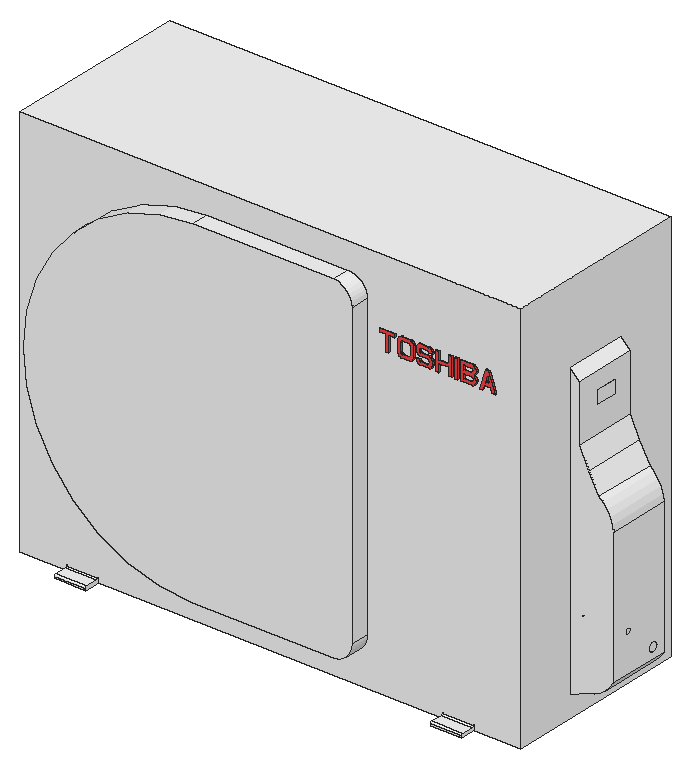
Revit family "A2W_HWT_4-6_Outdoor Unit", category Mechanical Equipment, Revit 2017 (continued)
Automatic sketch dimensions
  curve 73 to curve 74 = 59.4 mm
  curve 74 to curve 71 = 8.8 mm
  curve 71 to curve 77 = 17.948 mm
  curve 77 to curve 83 = 8.8 mm
  curve 77 to curve 81 = 8.8 mm
  plane 1 "Center (Front/Back)" to curve 80 = 27.848 mm
  plane 1 "Center (Front/Back)" to curve 82 = 27.848 mm
  curve 82 to curve 79 = 8.8 mm
  curve 79 to curve 85 = 23 mm
  curve 85 to curve 88 = 8.8 mm
  curve 85 to curve 86 = 8.8 mm
  curve 90 to plane 6 = 38.8 mm
  curve 92 to plane 6 = 38.8 mm
  curve 90 to curve 87 = 8.8 mm
  curve 78 to plane 4 = 44 mm
  curve 70 to curve 77 = 8.8 mm
  curve 86 to plane 4 = 44 mm
  plane 7 to curve 92 = 52.8 mm
  curve 79 to curve 85 = 0 mm
  plane 7 to curve 69 = 52.8 mm
  Extrusion 2 sketch curve to plane 10 = 124 mm
  Extrusion 2 sketch curve to Extrusion 2 sketch curve = 10 mm  (x2)
  Extrusion 2 sketch curve to Extrusion 2 sketch curve = 5 mm  (x19)
  Extrusion 2 sketch curve to Extrusion 2 sketch curve = 15 mm  (x2)
  Extrusion 2 sketch curve to Extrusion 2 sketch curve = 1 mm  (x13)
  Extrusion 2 sketch curve to Extrusion 2 sketch curve = 2 mm  (x11)
  Extrusion 2 sketch curve to Extrusion 2 sketch curve = 9 mm  (x3)
  Extrusion 2 sketch curve to Extrusion 2 sketch curve = 1.988 mm
  Extrusion 2 sketch curve to Extrusion 2 sketch curve = 9.012 mm
  Extrusion 2 sketch curve to Extrusion 2 sketch curve = 0 mm  (x12)
  Extrusion 2 sketch curve to plane 10 = 39 mm  (x2)
  Extrusion 2 sketch curve to plane 10 = 33.375 mm
  Extrusion 2 sketch curve to plane 10 = 28.375 mm
  Extrusion 2 sketch curve to Extrusion 2 sketch curve = 11.432 mm
  Extrusion 2 sketch curve to Extrusion 2 sketch curve = 0.028 mm
  Extrusion 2 sketch curve to Extrusion 2 sketch curve = 0.547 mm
  Extrusion 2 sketch curve to Extrusion 2 sketch curve = 0.575 mm
  Extrusion 2 sketch curve to Extrusion 2 sketch curve = 0.561 mm  (x2)
  Extrusion 2 sketch curve to Extrusion 2 sketch curve = 12.993 mm
  Extrusion 2 sketch curve to Extrusion 2 sketch curve = 5.27 mm  (x2)
  Extrusion 2 sketch curve to Extrusion 2 sketch curve = 2.187 mm  (x2)
  Extrusion 2 sketch curve to Extrusion 2 sketch curve = 1.667 mm  (x2)
  Extrusion 2 sketch curve to Extrusion 2 sketch curve = 0.875 mm
  Extrusion 2 sketch curve to Extrusion 2 sketch curve = 2.5 mm
  Extrusion 2 sketch curve to Extrusion 2 sketch curve = 6.751 mm
  plane 8 to Extrusion 2 sketch curve = 135.77 mm
  Extrusion 2 sketch curve to Extrusion 2 sketch curve = 6 mm
  Extrusion 2 sketch curve to Extrusion 2 sketch curve = 6.562 mm
  Extrusion 2 sketch curve to Extrusion 2 sketch curve = 2.656 mm
  Extrusion 2 sketch curve to Extrusion 2 sketch curve = 0.344 mm
  Extrusion 2 sketch curve to Extrusion 2 sketch curve = 0.75 mm
  Extrusion 2 sketch curve to Extrusion 2 sketch curve = 1.812 mm
  Extrusion 2 sketch curve to Extrusion 2 sketch curve = 5.312 mm
  Extrusion 2 sketch curve to Extrusion 2 sketch curve = 3.594 mm
  Extrusion 2 sketch curve to Extrusion 2 sketch curve = 0.204 mm
  Extrusion 2 sketch curve to Extrusion 2 sketch curve = 10.126 mm
  Extrusion 2 sketch curve to Extrusion 2 sketch curve = 4.188 mm
  Extrusion 2 sketch curve to Extrusion 2 sketch curve = 14 mm
  Extrusion 2 sketch curve to Extrusion 2 sketch curve = 0.39 mm
  Extrusion 2 sketch curve to Extrusion 2 sketch curve = 8.311 mm
  Extrusion 2 sketch curve to Extrusion 2 sketch curve = 12.188 mm  (x2)
  Extrusion 2 sketch curve to Extrusion 2 sketch curve = 3.667 mm
  plane 7 to Extrusion 3 sketch curve = 20.982 mm
  Extrusion 3 sketch curve to plane 7 = 13.295 mm
  Extrusion 3 sketch curve to plane 7 = 14.055 mm
  Extrusion 3 sketch curve to plane 7 = 16 mm
  Extrusion 3 sketch curve to plane 7 = 21.61 mm
  Extrusion 3 sketch curve to plane 7 = 28.963 mm
  Extrusion 3 sketch curve to Extrusion 3 sketch curve = 15.457 mm
  Extrusion 3 sketch curve to Extrusion 3 sketch curve = 17.5 mm
  Extrusion 3 sketch curve to Extrusion 3 sketch curve = 22.537 mm
  plane 8 to Extrusion 3 sketch curve = 48.741 mm
  Extrusion 3 sketch curve to Extrusion 3 sketch curve = 516.463 mm
  plane 8 to Extrusion 3 sketch curve = 127 mm
  Extrusion 3 sketch curve to Extrusion 3 sketch curve = 16 mm
  Extrusion 3 sketch curve to Extrusion 3 sketch curve = 90 mm
  Extrusion 3 sketch curve to Extrusion 3 sketch curve = 30.311 mm
  level to Extrusion 3 sketch curve = 114.207 mm
  Extrusion 3 sketch curve to Extrusion 3 sketch curve = 14.692 mm
  Extrusion 3 sketch curve to Extrusion 3 sketch curve = 25.514 mm
  Extrusion 3 sketch curve to Extrusion 3 sketch curve = 7.207 mm
  Extrusion 4 sketch curve to level = 0 mm
  Extrusion 4 sketch curve to Extrusion 4 sketch curve = 2.5 mm  (x2)
  Extrusion 4 sketch curve to plane 5 = 3 mm
  plane 6 to Extrusion 4 sketch curve = 3 mm
  level to Extrusion 4 sketch curve = 2.5 mm
  level to Extrusion 4 sketch curve = 5 mm
  Extrusion 4 sketch curve to Extrusion 4 sketch curve = 7.5 mm
  Extrusion 5 sketch curve to plane 1 "Center (Front/Back)" = 26.934 mm
  plane 1 "Center (Front/Back)" to Extrusion 5 sketch curve = 23.53 mm
  level to Extrusion 5 sketch curve = 92 mm
  Extrusion 5 sketch curve to Extrusion 5 sketch curve = 45 mm
  Extrusion 6 sketch curve to plane 1 "Center (Front/Back)" = 16.299 mm
  plane 1 "Center (Front/Back)" to Extrusion 6 sketch curve = 18.701 mm
  plane 8 to Extrusion 6 sketch curve = 188.405 mm
  Extrusion 6 sketch curve to Extrusion 6 sketch curve = 20 mm
  Extrusion 7 sketch curve to level = 0 mm
  Extrusion 7 sketch curve to plane 5 = 26 mm
  Extrusion 7 sketch curve to Extrusion 7 sketch curve = 2.5 mm  (x2)
  Extrusion 7 sketch curve to plane 5 = 3 mm
  Extrusion 7 sketch curve to plane 5 = 0.5 mm
  plane 6 to Extrusion 7 sketch curve = 3 mm
  level to Extrusion 7 sketch curve = 2.5 mm
  level to Extrusion 7 sketch curve = 5 mm
  Extrusion 7 sketch curve to Extrusion 7 sketch curve = 6 mm
  radius of Extrusion 5 sketch curve = 6.35 mm
  radius of Extrusion 5 sketch curve = 3.175 mm
Nested families
  nested 1: "GRILL" at (-118.947, 234.423, 598) x (0, 0, -1) z (1, 0, 0), type "GRILL", detail levels fine
  nested 2: "93-SERVICE AREA" at (-51, 99.5, 280), visible <- "Service Area", SERVICE AREA <- "Service Area", type "93-SERVICE AREA"
    with Top Clearance 500 mm, SERVICE AREA no, Right Side Clearance 300 mm, Left Side Clearance 150 mm, Front Clearance 500 mm
Connectors
  piping at (469.747, -23.53, 417), diameter 6.4
    settings: on Extrusion 5, index 5, connector inside diameter 609.6 mm, connector length 0 mm, flow factor 0, pipe flow 0.0 L/s, pressure drop 0.0 Pa, fitting loss kfactor 0, connector angle 0.00°, fixture units 0, engagement length 0 mm, angle of deflection 0.00°, flow configuration 0, flow direction 1, fitting loss method 0, system type 7, joint type 0, gender type 0, connector reference index -1, connector utility 0, adjustable connector no, is connector primary yes, connector description "HYDRONIC SUPPLY (LIQUID) PORT @ 6.4 mm"
  piping at (469.747, 26.934, 372), diameter 12.7
    settings: on Extrusion 5, index 6, connector inside diameter 609.6 mm, connector length 0 mm, flow factor 0, pipe flow 0.0 L/s, pressure drop 0.0 Pa, fitting loss kfactor 0, connector angle 0.00°, fixture units 0, engagement length 0 mm, angle of deflection 0.00°, flow configuration 0, flow direction 2, fitting loss method 0, system type 8, joint type 0, gender type 0, connector reference index -1, connector utility 0, adjustable connector no, is connector primary no, connector description "HYDRONIC RETURN (GAS) PORT @ 12.7 mm"
Definition of nested family "GRILL"
  Reference planes
    plane 1 "Center (Front/Back)": y = 0
    plane 2: z = 0
    plane 3 "Center (Left/Right)": x = 0
    plane 4: y = -413.923
  Forms (mm)
    Extrusion 1, solid, detail levels medium+fine
      sketch origin (0, -413.923, -193.317) x (0, 0, -1) y (-1, 0, 0)
        loop
          arc (58.736, 0) -> (-20.345, 190.919) -> (-211.264, 270) r 270
          line (-211.264, 270) -> (-436.409, 270)
          arc (-436.409, 270) -> (-457.622, 261.213) -> (-466.409, 240) r 30
          line (-466.409, 240) -> (-466.409, -242.029)
          arc (-466.409, -242.029) -> (-457.622, -263.242) -> (-436.409, -272.029) r 30
          line (-436.409, -272.029) -> (-211.264, -272.029)
          arc (-211.264, -272.029) -> (-20.345, -192.947) -> (58.736, -2.029) r 270
          line (58.736, -2.029) -> (58.736, 0)
      from 0 to 30
  Lines and regions (mm)
    model lines
      curve 1: circle (0, -413.923, 0) r 220 normal (0, 1, 0)
      curve 2: circle (0, -413.923, 0) r 200 normal (0, 1, 0)
      curve 3: circle (0, -413.923, 0) r 180 normal (0, 1, 0)
      curve 4: circle (0, -413.923, 0) r 160 normal (0, 1, 0)
      curve 5: circle (0, -413.923, 0) r 140 normal (0, 1, 0)
      curve 6: circle (0, -413.923, 0) r 160 normal (0, 1, 0)
      curve 7: circle (0, -413.923, 0) r 120 normal (0, 1, 0)
      curve 8: circle (0, -413.923, 0) r 100 normal (0, 1, 0)
      curve 9: circle (0, -413.923, 0) r 240 normal (0, 1, 0)
      curve 10: line (-220.046, -413.923, 253.473) -> (-104.373, -413.923, 253.473)
      curve 11: line (-245.046, -413.923, 117.612) -> (-245.046, -413.923, 228.473)
      curve 12: arc (-245.046, -413.923, 117.612) -> (-188.545, -413.923, 199.869) -> (-104.373, -413.923, 253.473) r 250
      curve 13: arc (-220.046, -413.923, 253.473) -> (-237.723, -413.923, 246.151) -> (-245.046, -413.923, 228.473) r 25
      curve 14: circle (0, -413.923, 0) r 80 normal (0, 1, 0)
      curve 15: line (220.046, -413.923, 253.473) -> (104.373, -413.923, 253.473)
      curve 16: line (245.046, -413.923, 117.612) -> (245.046, -413.923, 228.473)
      curve 17: arc (245.046, -413.923, 117.612) -> (188.545, -413.923, 199.869) -> (104.373, -413.923, 253.473) r 250
      curve 18: arc (220.046, -413.923, 253.473) -> (237.723, -413.923, 246.151) -> (245.046, -413.923, 228.473) r 25
  Dimensions and locks
    level to Extrusion 1 sketch curve = 252.053 mm
    plane 3 "Center (Left/Right)" to Extrusion 1 sketch curve = 270 mm
    Extrusion 1 sketch curve to Extrusion 1 sketch curve = 542.029 mm
    aligned and locked: plane 2 to level
Definition of nested family "93-SERVICE AREA"
  Parameters (values of type "93-SERVICE AREA")
    Right Side Clearance [instance] = 300 mm
    Left Side Clearance [instance] = 150 mm
    SERVICE AREA [instance] = yes
    Top Clearance [instance] = 500 mm
    Front Clearance [instance] = 500 mm
  Reference planes
    plane 1 "Center (Front/Back)": y = 0
    plane 2: z = 0
    plane 3 "Center (Left/Right)": x = 0
    plane 4: y = -750
    plane 5: x = -499.5
    plane 6: x = -349.5
    plane 7: y = -250
    plane 8: y = 50
    plane 9: x = 450.5
    plane 10: x = 750.5
    plane 11: z = 630
    plane 12: z = 1130
  Forms (mm)
    Extrusion 1, solid, visible <- "SERVICE AREA"
      sketch origin (0, 0, 0) x (1, 0, 0) y (0, 1, 0)
        loop
          line (-349.5, -250) -> (-349.5, -750) -> (450.5, -750) -> (450.5, -250) -> (-349.5, -250)
      from 0 to 630
    Extrusion 2, solid, visible <- "SERVICE AREA"
      sketch origin (0, 0, 0) x (1, 0, 0) y (0, 1, 0)
        loop
          line (450.5, 50) -> (450.5, -250) -> (750.5, -250) -> (750.5, 50) -> (450.5, 50)
        loop
          line (-499.5, 50) -> (-499.5, -250) -> (-349.5, -250) -> (-349.5, 50) -> (-499.5, 50)
      from 0 to 630
    Extrusion 3, solid, visible <- "SERVICE AREA"
      sketch origin (0, 0, 0) x (1, 0, 0) y (0, 0, 1)
        loop
          line (-349.5, 1130) -> (-349.5, 630) -> (450.5, 630) -> (450.5, 1130) -> (-349.5, 1130)
      from -50 to 250
  Dimensions and locks
    "Front Clearance": plane 4 to plane 7
    locked: plane 11 to level at 630
    Extrusion 2 sketch curve to Extrusion 2 sketch curve = 300 mm
    Extrusion 2 sketch curve to Extrusion 2 sketch curve = 150 mm
    "Top Clearance": plane 12 to plane 11
    "Left Side Clearance": plane 5 to plane 6
    plane 6 to plane 9 = 800 mm
    "Right Side Clearance": plane 9 to plane 10
    plane 7 to plane 8 = 300 mm
    plane 4 to plane 7 = 500 mm
    aligned and locked: level to plane 2
    aligned and locked: plane 7 to Extrusion 1 sketch curve
    aligned and locked: Extrusion 1 sketch curve to plane 6
    aligned and locked: Extrusion 1 sketch curve to plane 4
    aligned and locked: Extrusion 1 sketch curve to plane 9
    aligned and locked: Extrusion 2 sketch curve to plane 8  (x2)
    aligned and locked: Extrusion 2 sketch curve to plane 7  (x2)
    aligned and locked: plane 6 to Extrusion 2 sketch curve
    aligned and locked: Extrusion 2 to Extrusion 1
    aligned and locked: Extrusion 3 sketch curve to plane 12
    aligned and locked: Extrusion 3 sketch curve to plane 6
    aligned and locked: Extrusion 3 sketch curve to plane 11
    aligned and locked: Extrusion 3 sketch curve to plane 9
    aligned and locked: Extrusion 3 to Extrusion 1
    aligned and locked: Extrusion 2 to Extrusion 3
    aligned and locked: plane 5 to Extrusion 2
  Automatic sketch dimensions
    Extrusion 2 sketch curve to plane 9 = 0 mm
Types (3, lengths in mm): name | Seasonal space heating energy efficiency (ηs) | Rated water flow rate -L/min | Rated Capacity kW-Cooling/Heating | Rated Power Consumption kW-Cooling/Heating | Model | Manufacturer Art. No. | Rated efficiency-EER / COP | Article Type
  (no name) | "178%" | "11.5/11.6" | "4.0 / 4.0" | "1.15/0.77" | "HWT-401WH-E" | "HWT-401WH-E" | "3.45 / 5.20" | "HWT-401WH-E"
  HWT-401WH-E | "178%" | "11.5/11.6" | "4.0 / 4.0" | "1.15/0.77" | "HWT-401WH-E" | "HWT-401WH-E" | "3.45 / 5.20" | "HWT-401WH-E"
  HWT-601WH-E | "180%" | "-" | "5.0 / 6.0" | "1.52/1.25" | "HWT-601WH-E" | "HWT-601WH-E" | "3.30 / 4.80" | "HWT-601WH-E"
